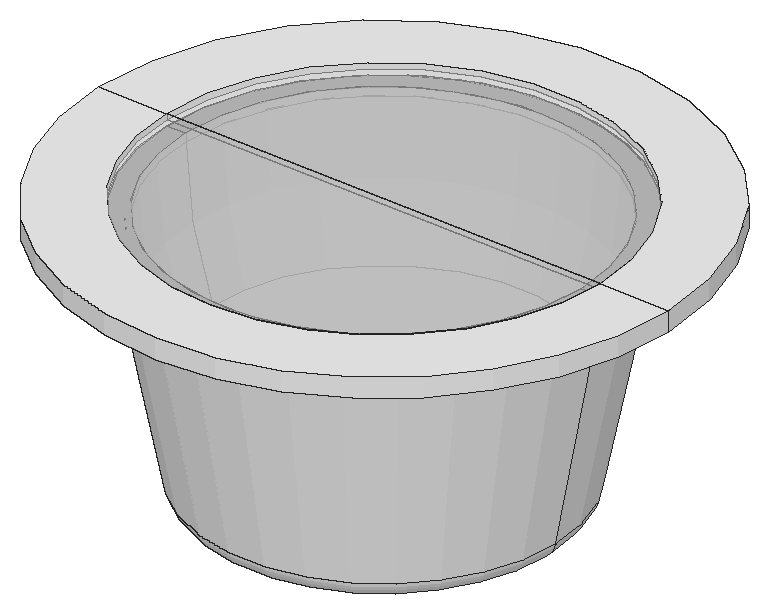
Revit family "2060565+2039013 Sylvania Lighting Fixture ASCENT 100 II ARCH 2700 4K STD 160 with IP54 PC Cover", category Lighting Fixtures, host Face, Revit 2016
Family settings
  Host = Face
  Part Type = Normal
  Round Connector Dimension = Use Diameter
  OmniClass Number = 23.80.70.11.17
  OmniClass Title = Specialized Lighting by Location or Use
  Cut with Voids When Loaded = No
  Light Source = Yes
  Shared = No
  Room Calculation Point = No
Parameters (values of type "2060565+2039013 ASCT100 II ARCH 2700 4K STD 160 with IP54 PC Cover")
  WidthBezelAcc_SYL = 25.0 mm
  Weight = "1.2 kg"
  Wattage = 21 W
  WarrantyStartDate [instance] = "n/a"
  WarrantyGuarantorParts = "n/a"
  WarrantyDurationUnit = "n/a"
  WarrantyDurationParts = "n/a"
  WarrantyDescription = "n/a"
  built-in parameter 1150110 = 1 (stored number, unit not read)
  Voltage = 0 V
  VisibilityAccessory_SYL = yes
  TypeName = "ASCENT 100 II ARCH 2700 4K STD 160 with IP54 PC Cover"
  built-in parameter 1114217 = 1 (stored number, unit not read)
  Tilt Angle = -90°
  built-in parameter 1150109 = 1 (stored number, unit not read)
  built-in parameter 1150134 = 12
  built-in parameter 1150113 = 1 (stored number, unit not read)
  SerialNumber [instance] = "n/a"
  ReflectorRadius_SYL = Radius_SYL - 14.5 mm  # 80.0 mm
  RadiusAcc_SYL = 105.0 mm
  Radius_SYL = 94.5 mm
  URL = "http://www.sylvania-lighting.com"
  PowerFactor = 0
  PowerConsumption = "21 W"
  Photometric Web File = "2060565.ies"
  NominalWidth = 0.0 mm
  NominalLength = 0.0 mm
  NominalHeight = 94.0 mm
  Name = "ASCENT 100 II ARCH 2700 4K STD 160 with IP54 PC Cover"
  ModelReference = "ASCENT 100 II ARCH 2700 4K STD 160 with IP54 PC Cover"
  ModelNumber = "2060565+2039013"
  Material_4_SYL = none
  Material_3_SYL = Polycarbonate_Sylvania_Ascent_Clear
  Material_2_SYL = Aluminium_Sylvania_Ascent_Silver
  Material_1_SYL = Aluminum_Sylvania_Ascent_White
  Material = "aluminium housing, arcylic diffuser"
  ManufacturerName = "Feilo Sylvania"
  LuminousEfficacy = "132 lm/W"
  built-in parameter 1150105 = 220.59 (stored number, unit not read)
  Lumens = 2772 lm
  LuminaireType = ""
  built-in parameter 1150115 = 1 (stored number, unit not read)
  LightOutputRatio = "100"
  built-in parameter 1150137 = (empty or 0)
  built-in parameter 1150139 = (empty or 0)
  LampsType = Lamp  # "LED"
  LampNominalLuminous = "2767 lm"
  LampMacAdamStep = "3"
  LampColourTemperature = "4000 K"
  LampColourRenderingIndex = "80"
  built-in parameter 1150112 = 1 (stored number, unit not read)
  built-in parameter 1150114 = 1 (stored number, unit not read)
  Keynote = "16500"
  InstallationDate [instance] = "n/a"
  InputVoltage = "n/a"
  InputNominalFrequency = "n/a"
  built-in parameter 1150132 = (empty or 0)
  built-in parameter 1150102 = (empty or 0)
  built-in parameter 1150107 = 4000 (stored number, unit not read)
  built-in parameter 1150138 = (empty or 0)
  IngressProtection = "IP54"
  ImpactProtectionIndex = "IK02"
  built-in parameter 1150106 = 2.2059 (stored number, unit not read)
  IfcExportType = "IfcLightFixtureType"
  IfcExportAs = "IfcLightFixtureType"
  Height_SYL = 94.0 mm
  HeightAcc_SYL = 7.0 mm
  ExpectedLife = 50000
  EmittionSurface_SYL = if(VisibilityAccessory_SYL, 7.0 mm, 3.0 mm)  # 7.0 mm
  Emit from Circle Diameter = DiffuserRadius_SYL * 2  # 146.0 mm
  Emit Shape Visible in Rendering = no
  ElectricShockClassification = "Class II"
  built-in parameter 1150104 = 12.263 (stored number, unit not read)
  DurationUnit = "hours"
  DocumentationLiterature = "http://www.sylvania-lighting.com/product/en-int/products/2060565"
  DimmingControlOptions = "n/a"
  Dimming Lamp Color Temperature Shift = <None>
  DiffuserRadius_SYL = ReflectorRadius_SYL - 7.0 mm  # 73.0 mm
  Diameter_SYL = 2 * Radius_SYL  # 189.0 mm
  CutoutDiameter_SYL = Diameter_SYL - 13.0 mm  # 176.0 mm
  CreatedOn = "9/17/2018"
  CreatedBy = "@sylvania-lighting.com"
  Color Filter = 16777215
  built-in parameter 1114216 [instance] = 1 (stored number, unit not read)
  Model = "ASCENT 100 II ARCH 2700 4K STD 160 with IP54 PC Cover"
  Manufacturer = "Feilo Sylvania"
  Lamp = "LED"
  Description = "Direct LED retro fit for original LED 100 Arch (160) single CFL lamp offering Matching lumen levels and improved light distribution of original LED 100 CFL lamp equivalents Typically half the power consumption compared to CFL Up to 112lm/W 160mm aperture Architectural reflector accepts range of glass accessories from existing LED 100 Arch 160 offering HE, HO and VHO versions equivalent of single 1 x 18W, 1 x 32W, 1 x 42W\r\n Additional VVHO versions which offer the performance circa 2 x 32W equivalent"  # constant formula
  Default Elevation = 0.0 mm
  built-in parameter 1140040 [instance] = 1
  BarCode [instance] = "n/a"
  built-in parameter 1114218 = 1 (stored number, unit not read)
  built-in parameter 1150133 = 10 (stored number, unit not read)
  AssetType = "Fixed"
  AssetIdentifier [instance] = "n/a"
  Assembly Code = "D5020200"
  Apparent Load = 21 VA
  Aperture_SYL = 2 * ReflectorRadius_SYL  # 160.0 mm
Reference planes
  plane 1 "Center (Front/Back)": y = 0
  plane 2: z = 0
  plane 3 "Center (Left/Right)": x = 0
  plane 4 "Fixture Bottom": z = 3
  plane 5: z = -52.5
  plane 6 "Fixture Top": z = -91
  plane 7: x = -105
  plane 8: z = 7
  plane 9: x = -80
  plane 10: z = 5
  plane 11: x = -103
Forms (mm)
  Extrusion 1, solid, material "Aluminum_Sylvania_Ascent_White", detail levels fine
    sketch origin (0, 0, 0) x (1, 0, 0) y (0, 1, 0)
      loop
        circle (0, 0) r 94.5
      loop
        circle (0, 0) r 80
    from 0 to 3
  Extrusion 2, void
    sketch origin (0, 0, 0) x (1, 0, 0) y (0, 1, 0)
      loop
        circle (0, 0) r 88
    from -91 to 3
  Revolve 3, solid, material "Aluminum_Sylvania_Ascent_White" <- "Material_1_SYL", detail levels fine
    sketch origin (0, 0, 0) x (1, 0, 0) y (0, 0, 1)
      loop
        line (0, -91.073) -> (0, -89.023) -> (-55.468, -89.014)
        arc (-55.468, -89.014) -> (-59.352, -87.613) -> (-61.54, -84.139) r 6.307
        line (-61.54, -84.139) -> (-77.991, -2.844) -> (-77.991, 0) -> (-80, 0) -> (-80, -3) -> (-63.5, -84.536)
        arc (-63.5, -84.536) -> (-60.643, -89.203) -> (-55.5, -91.073) r 8.291
        line (-55.5, -91.073) -> (0, -91.073)
      axis (0, 0) -> (0, -91.073)
    angle from 0 to 360
  Revolve 4, solid, material "Aluminium_Sylvania_Ascent_Silver" <- "Material_2_SYL", detail levels fine
    sketch origin (0, 0, 0) x (1, 0, 0) y (0, 0, 1)
      loop
        line (-80, 3) -> (-80, 0) -> (-75, 0)
        arc (-75, 0) -> (-72.349, -26.77) -> (-64.5, -52.5) r 136.5
        line (-64.5, -52.5) -> (-58, -52.5)
        arc (-58, -52.5) -> (-56.857, -61.521) -> (-53.5, -69.971) r 36.166
        line (-53.5, -69.971) -> (0, -69.971) -> (0, -50.5) -> (-63.16, -50.5)
        arc (-63.16, -50.5) -> (-70.517, -25.725) -> (-73, 0) r 134.5
        line (-73, 0) -> (-73, 3) -> (-80, 3)
      axis (0, 3) -> (0, -69.971)
    angle from 0 to 360
  Extrusion 5, solid, material "Polycarbonate_Sylvania_Ascent_Clear" <- "Material_3_SYL", detail levels fine
    sketch origin (0, 0, 0) x (1, 0, 0) y (0, 1, 0)
      loop
        circle (0, 0) r 73
    from 0 to 3
  Revolve 6, solid, material "Aluminum_Sylvania_Ascent_White" <- "Material_1_SYL", detail levels coarse+medium
    sketch origin (0, 0, 0) x (1, 0, 0) y (0, 0, 1)
      loop
        line (0, -91.073) -> (0, 3) -> (-94.5, 3) -> (-94.5, 0) -> (-79.5, 0) -> (-79.5, -3) -> (-63, -84.536)
        arc (-63, -84.536) -> (-60.143, -89.203) -> (-55, -91.073) r 8.291
        line (-55, -91.073) -> (0, -91.073)
      axis (0, 3) -> (0, -91.073)
    angle from 0 to 360
  Revolve 7, solid, material "Aluminum_Sylvania_Ascent_White" <- "Material_1_SYL", visible <- "VisibilityAccessory_SYL"
    sketch origin (0, 0, 0) x (1, 0, 0) y (0, 0, 1)
      loop
        line (-105, 0) -> (-103, 0) -> (-103, 5) -> (-80, 5) -> (-80, 7) -> (-105, 7) -> (-105, 0)
      axis (0, 7) -> (0, 0)
    angle from 0 to 360
  Revolve 8, solid, material "Polycarbonate_Sylvania_Ascent_Clear" <- "Material_3_SYL", visible <- "VisibilityAccessory_SYL"
    sketch origin (0, 0, 0) x (1, 0, 0) y (0, 0, 1)
      loop
        line (-80, 7) -> (-80, 5) -> (0, 5) -> (0, 7) -> (-80, 7)
      axis (0, 7) -> (0, 5)
    angle from 0 to 360
Lines and regions (mm)
  reference lines
    curve 1: line (-150, 0, 7) -> (125, 0, 7)
Dimensions and locks
  locked: plane 4 "Fixture Bottom" to plane 2 at 3
  "Height_SYL": plane 4 "Fixture Bottom" to plane 6 "Fixture Top"
  "ReflectorRadius_SYL": plane 3 "Center (Left/Right)" to Revolve 4 sketch curve
  locked: Revolve 4 sketch curve to Revolve 4 sketch curve at 15.5
  locked: Revolve 4 sketch curve to Revolve 4 sketch curve at 5
  locked: Revolve 4 sketch curve to Revolve 4 sketch curve at 7
  locked: Revolve 4 sketch curve to Revolve 4 sketch curve at 22
  locked: Revolve 4 sketch curve to Revolve 4 sketch curve at 26.5
  locked: Revolve 3 sketch curve to Revolve 3 sketch curve at 16.5
  locked: Revolve 3 sketch curve to Revolve 3 sketch curve at 24.5
  "ReflectorRadius_SYL": Revolve 3 sketch curve to plane 3 "Center (Left/Right)"
  locked: Revolve 3 sketch curve to plane 6 "Fixture Top" at 6.464
  locked: plane 2 to Revolve 3 sketch curve at 3
  locked: Revolve 3 sketch curve to Revolve 3 sketch curve at 2
  locked: Revolve 3 sketch curve to Revolve 3 sketch curve at 2.009
  locked: plane 2 to plane 5 at 52.5
  locked: Revolve 6 sketch curve to Revolve 6 sketch curve at 31.5
  locked: Revolve 6 sketch curve to Revolve 6 sketch curve at 39.5
  locked: Revolve 6 sketch curve to Revolve 6 sketch curve at 15
  "Radius_SYL": plane 3 "Center (Left/Right)" to Revolve 6 sketch curve
  "RadiusAcc_SYL": plane 3 "Center (Left/Right)" to plane 7
  "HeightAcc_SYL": plane 8 to level
  "WidthBezelAcc_SYL": plane 7 to plane 9
  locked: plane 7 to plane 11 at 2
  locked: plane 8 to plane 10 at 2
  "EmittionSurface_SYL": curve 1 to level
  "CutoutDiameter_SYL": diameter of Extrusion 2 sketch curve
  "ReflectorRadius_SYL": radius of Extrusion 1 sketch curve
  "DiffuserRadius_SYL": radius of Extrusion 5 sketch curve
  "Radius_SYL": radius of Extrusion 1 sketch curve
  aligned and locked: host face to plane 2
  aligned and locked: host face to level
  aligned and locked: plane 4 "Fixture Bottom" to Extrusion 1
  aligned and locked: Extrusion 1 to plane 2
  aligned and locked: Revolve 3 sketch curve to plane 3 "Center (Left/Right)"
  aligned and locked: Revolve 4 sketch curve to plane 3 "Center (Left/Right)"  (x2)
  aligned and locked: plane 4 "Fixture Bottom" to Revolve 4 sketch curve
  aligned and locked: Extrusion 5 to plane 2
  aligned and locked: plane 2 to Revolve 3 sketch curve  (x2)
  aligned and locked: Revolve 6 sketch curve to plane 3 "Center (Left/Right)"
  aligned and locked: plane 6 "Fixture Top" to Extrusion 2
  aligned and locked: Revolve 7 sketch curve to plane 3 "Center (Left/Right)"
  aligned and locked: host face to Revolve 7 sketch curve  (x2)
  aligned and locked: Revolve 7 sketch curve to plane 7
  aligned and locked: plane 8 to Revolve 7 sketch curve
  aligned and locked: plane 9 to Revolve 7 sketch curve
  aligned and locked: Revolve 7 sketch curve to plane 10
  aligned and locked: plane 11 to Revolve 7 sketch curve
  aligned and locked: Revolve 7 to Revolve 8 sketch curve
  aligned and locked: Revolve 8 sketch curve to Revolve 7  (x2)
  aligned and locked: Revolve 8 sketch curve to plane 3 "Center (Left/Right)"  (x2)
  aligned and locked: plane 3 "Center (Left/Right)" to imposter light
  aligned and locked: imposter light to plane 1 "Center (Front/Back)"
  aligned and locked: imposter light to curve 1
Automatic sketch dimensions
  plane 1 "Center (Front/Back)" to Extrusion 2 sketch curve = 0.0 mm
  Extrusion 2 sketch curve to plane 3 "Center (Left/Right)" = 0.0 mm
  Extrusion 1 sketch curve to Extrusion 1 sketch curve = 0.0 mm  (x2)
  plane 1 "Center (Front/Back)" to Extrusion 1 sketch curve = 0.0 mm
  Extrusion 1 sketch curve to plane 3 "Center (Left/Right)" = 0.0 mm
  plane 6 "Fixture Top" to Revolve 3 sketch curve = 0.073 mm
  Revolve 3 sketch curve to plane 6 "Fixture Top" = 6.861 mm
  Revolve 3 sketch curve to Revolve 3 sketch curve = 0.003 mm
  Revolve 3 sketch curve to Revolve 3 sketch curve = 0.009 mm  (x2)
  Revolve 3 sketch curve to Revolve 3 sketch curve = 0.023 mm
  Revolve 3 sketch curve to Revolve 3 sketch curve = 0.072 mm
  Revolve 3 sketch curve to Revolve 3 sketch curve = 0.008 mm
  Revolve 3 sketch curve to plane 6 "Fixture Top" = 1.977 mm
  Revolve 3 sketch curve to Revolve 3 sketch curve = 33.496 mm
  Revolve 3 sketch curve to Revolve 3 sketch curve = 0.028 mm
  plane 4 "Fixture Bottom" to Revolve 3 sketch curve = 82.431 mm
  Revolve 4 sketch curve to Revolve 4 sketch curve = 0.0 mm  (x2)
  Revolve 4 sketch curve to plane 5 = 0.0 mm
  Revolve 4 sketch curve to level = 0.0 mm
  plane 5 to Revolve 4 sketch curve = 2.0 mm
  plane 4 "Fixture Bottom" to Revolve 4 sketch curve = 9.642 mm
  plane 1 "Center (Front/Back)" to Extrusion 5 sketch curve = 0.0 mm
  Extrusion 5 sketch curve to plane 3 "Center (Left/Right)" = 0.0 mm
  Revolve 4 sketch curve to level = 69.971 mm
  Revolve 4 sketch curve to Revolve 4 sketch curve = 2.387 mm
  Revolve 6 sketch curve to level = 0.0 mm
  Revolve 6 sketch curve to plane 3 "Center (Left/Right)" = 0.0 mm
  Revolve 6 sketch curve to Revolve 6 sketch curve = 8.104 mm
  Revolve 6 sketch curve to level = 3.0 mm
  Revolve 6 sketch curve to plane 6 "Fixture Top" = 6.464 mm
  plane 6 "Fixture Top" to Revolve 6 sketch curve = 0.073 mm
  Revolve 6 sketch curve to Revolve 6 sketch curve = 33.496 mm
  plane 4 "Fixture Bottom" to Revolve 6 sketch curve = 82.431 mm
  host sketch curve to host sketch curve = 1704.996 mm
  host sketch curve to host sketch curve = 1500.0 mm
  plane 6 "Fixture Top" to Revolve 7 sketch curve = 281.274 mm
  Revolve 7 sketch curve to plane 8 = 1140.706 mm
  plane 6 "Fixture Top" to Revolve 8 sketch curve = 281.274 mm
  Revolve 8 sketch curve to Revolve 8 sketch curve = 1140.706 mm
  Revolve 3 sketch curve to plane 3 "Center (Left/Right)" = 0.0 mm
  Revolve 6 sketch curve to plane 4 "Fixture Bottom" = 0.0 mm
  plane 7 to curve 1 = 45.0 mm
  plane 3 "Center (Left/Right)" to curve 1 = 125.0 mm
Connectors
  electrical at (0, 0, -91.073), driven by "Apparent Load"
    settings: on Revolve 3, index 1, voltage 240 V, apparent load 0 VA, apparent load phase1 21 VA, apparent load phase2 0 VA, apparent load phase3 0 VA, power factor 1, load classification "Lighting", number of poles 1, system type 31, power factor state 1, is connector primary yes, connector utility no, sub classification motor no, connector description ""
